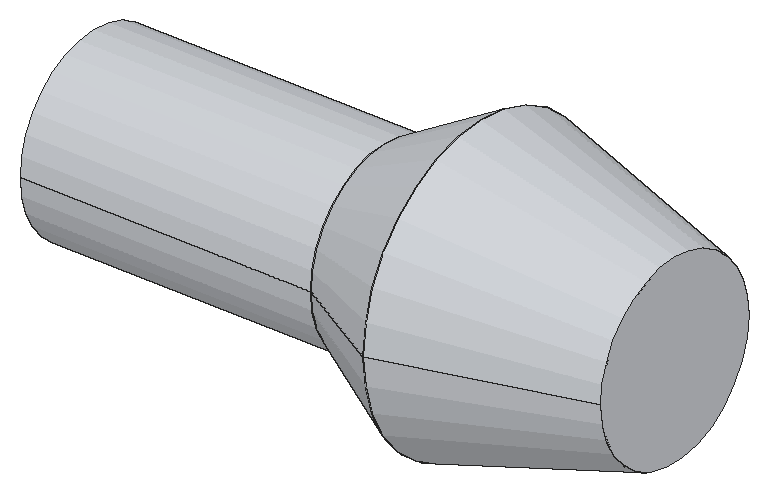
Revit family "M_Conexão de ramificação - Rosqueada - Genérica", category Conexões de tubo, Revit 2019
Family settings
  Cota do conector redondo = Usar raio
  Tipo de parte = Conexão - Perpendicular
  Número OmniClass = 23.60.30.11.14
  Título OmniClass = Pipework Fittings
  ID de item do Seek = Branch Connection - Threaded - Generic-0000-CAN-ENU
  Com base no plano de trabalho = Não
  Sempre na vertical = Sim
  Corte com vazios quando carregada = Não
  Compartilhado = Não
Parameters (values of type "Padrão")
  built-in parameter 1114214 [instance] = 25 mm
  built-in parameter 1114213 [instance] = 25 mm
  built-in parameter 1114215 [instance] = size_lookup(Nome da tabela de pesquisa, "Lgt", 0.36 * Diâmetro nominal + 20.34 mm, Diâmetro nominal)  # 0.0625 (stored number, unit not read)
  Raio nominal [instance] = 3 mm
  Diâmetro nominal [instance] = Raio nominal * 2  # 6 mm
  Método de perda = Não definido
  Nome da tabela de pesquisa = "M_Branch Connection - Threaded - Generic"
  Raio externo da conexão 2 [instance] = Diâmetro externo da conexão 2 / 2  # 7.938 mm
  Raio externo da conexão 1 [instance] = Diâmetro externo da conexão 1 / 2  # 12.7 mm
  Diâmetro externo da conexão 2 [instance] = size_lookup(Nome da tabela de pesquisa, "FOD2", 1.05 * Diâmetro nominal + 10.716 mm, Diâmetro nominal)  # 15.875 mm
  Diâmetro externo da conexão 1 [instance] = size_lookup(Nome da tabela de pesquisa, "FOD1", 1.31 * Diâmetro nominal + 20.042 mm, Diâmetro nominal)  # 25.4 mm
Reference planes
  plane 1 "Centro (Frente/Trás)": y = 0
  plane 2: z = 0
  plane 3 "Centro (Esquerda/Direita)": x = 0
  plane 4: x = -25
  plane 5: x = 25
  plane 6: x = 8.333
  plane 7: x = 16.667
Forms (mm)
  Extrusion 1, solid, detail levels fine
    sketch origin (0, 0, 0) x (0, 1, 0) y (0, 0, 1)
      loop
        circle (0, 0) r 7.938
    from -25 to 0
  Blend 2, solid, detail levels fine
    base sketch origin (0, 0, 0) x (0, 1, 0) y (0, 0, 1)
      loop
        circle (0, 0) r 7.938
    top sketch origin (0, 0, 0) x (0, 1, 0) y (0, 0, 1)
      loop
        circle (0, 0) r 12.7
    from 0 to 8.333
  Blend 3, solid, detail levels fine
    base sketch origin (0, 0, 0) x (0, 1, 0) y (0, 0, 1)
      loop
        circle (0, 0) r 7.938
    top sketch origin (0, 0, 0) x (0, 1, 0) y (0, 0, 1)
      loop
        circle (0, 0) r 12.7
    from 25 to 8.333
Dimensions and locks
  "built-in parameter 1114214": plane 4 to plane 3 "Centro (Esquerda/Direita)"
  "built-in parameter 1114213": plane 3 "Centro (Esquerda/Direita)" to plane 5
  equal spacing: plane 3 "Centro (Esquerda/Direita)", plane 6, plane 7, plane 5
  "Raio externo da conexão 2": radius of Extrusion 1 sketch curve
  "Raio externo da conexão 2": radius of Blend 2 sketch curve
  "Raio externo da conexão 1": radius of Blend 2 sketch curve
  "Raio externo da conexão 2": radius of Blend 3 sketch curve
  "Raio externo da conexão 1": radius of Blend 3 sketch curve
  aligned and locked: plane 2 to level
  aligned and locked: plane 2 to Extrusion 1 sketch curve
  aligned and locked: plane 1 "Centro (Frente/Trás)" to Extrusion 1 sketch curve
  aligned and locked: Extrusion 1 to plane 4
  aligned and locked: plane 3 "Centro (Esquerda/Direita)" to Extrusion 1
  aligned and locked: plane 2 to Blend 2 sketch curve  (x2)
  aligned and locked: plane 1 "Centro (Frente/Trás)" to Blend 2 sketch curve  (x2)
  aligned and locked: Blend 2 to plane 3 "Centro (Esquerda/Direita)"
  aligned and locked: plane 6 to Blend 2
  aligned and locked: plane 2 to Blend 3 sketch curve  (x2)
  aligned and locked: plane 1 "Centro (Frente/Trás)" to Blend 3 sketch curve  (x2)
  aligned and locked: Blend 3 to plane 5
  aligned and locked: Blend 3 to plane 6
Connectors
  piping at (0, 0, 0), diameter 6, driven by "Raio nominal"
    settings: on Blend 2, index 1, connector inside diameter 6 mm, connector length 0 mm, flow factor 0, pipe flow 0.0 L/s, pressure drop 0.0 Pa, fitting loss kfactor 0, connector angle 0.00°, fixture units 0, engagement length 0 mm, angle of deflection 0.00°, flow configuration 0, flow direction 0, fitting loss method 0, system type 28, joint type 0, gender type 0, connector reference index 2, connector utility 0, adjustable connector no, is connector primary yes, connector description ""
  piping at (25, 0, 0), diameter 6, driven by "Raio nominal"
    settings: on Blend 3, index 2, connector inside diameter 6 mm, connector length 0 mm, flow factor 0, pipe flow 0.0 L/s, pressure drop 0.0 Pa, fitting loss kfactor 0, connector angle 0.00°, fixture units 0, engagement length 0 mm, angle of deflection 0.00°, flow configuration 0, flow direction 0, fitting loss method 0, system type 28, joint type 0, gender type 0, connector reference index 1, connector utility 0, adjustable connector no, is connector primary no, connector description ""
